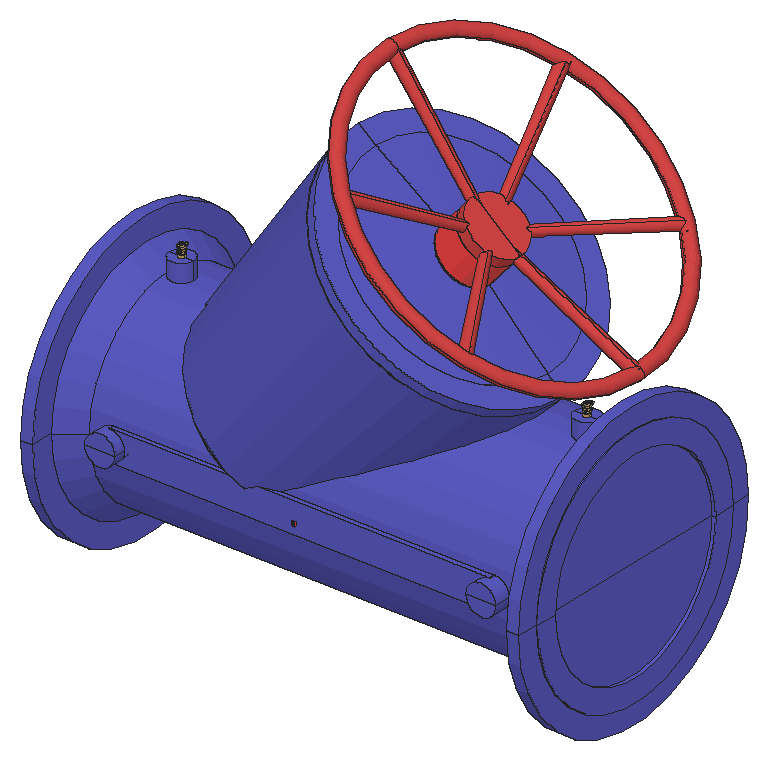
Revit family "Strangregulierventil für Differenzdruckmessung, Schrägsitzform 4218 GF PN16", category Rohrzubehör, Revit 2018
Family settings
  Bemaßung runder Anschluss = Durchmesser verwenden
  Teiletyp = Unterbricht
  OmniClass-Nummer = 23.65.55.14
  OmniClass-Titel = Valves for Liquid Services
  Arbeitsebenenbasiert = Nein
  Immer vertikal = Ja
  Beim Laden mit Abzugskörper schneiden = Nein
  Gemeinsam genutzt = Nein
Parameters
  kvs-Wert [instance] = if(Nennweite = 350.00 mm, 2917.6, if(Nennweite = 400.00 mm, 3854.8, if(Nennweite = 500.00 mm, 5250.6, 0)))  # 5250.6
  Zählvorrichtung = "Kunststoffmaterial"  # constant formula
  W02 = 60.00°  # constant formula
  W01 = 50.00°  # constant formula
  Ventilkegel = "Sphäroguss EN-GJS-400-15 gem. EN 1561/EPDM beschichtet"  # constant formula
  S01 [instance] = Nennweite + 10.00 mm  # 510.00 mm
  Regulierspindel = "Edelstahl"  # constant formula
  Oberteil = "Sphäroguss EN-GJS-400-15"  # constant formula
  O-Ringe = "EPDM"  # constant formula
  L04 [instance] = size_lookup("4218_GF_16_", "L4", 1.00 mm, Nennweite)  # 255.00 mm
  H11 = 85.00 mm  # constant formula
  H10 [instance] = H07 + H03  # 720.30 mm
  H08 = 47.00 mm  # constant formula
  H07 = 50.00 mm  # constant formula
  H06 = 27.00 mm  # constant formula
  H05 [instance] = H04 + 25.00 mm  # 605.00 mm
  H04 [instance] = size_lookup("4218_GF_16_", "H4", 1.00 mm, Nennweite)  # 580.00 mm
  H03 [instance] = size_lookup("4218_GF_16_", "H3", 1.00 mm, Nennweite)  # 670.30 mm
  Gewicht [instance] = if(Nennweite = 350.00 mm, "536.0 kg", if(Nennweite = 400.00 mm, "547.0 kg", if(Nennweite = 500.00 mm, "968.0 kg", "0")))  # "968.0 kg"
  Gehäuse = "Sphäroguss EN-GJS-400-15"  # constant formula
  URL = "www.herz-armaturen.at"
  SCRNSEQ = "ARM;ARM_TYP=\"STRV\";2"
  SCRNCODE = "05;07;02"  # constant formula
  R02 [instance] = size_lookup("4218_GF_16_", "R2", 1.00 mm, Nennweite)  # 30.00 mm
  R01 [instance] = size_lookup("4218_GF_16_", "R1", 1.00 mm, Nennweite)  # 37.50 mm
  Spindel = "Edelstahl"  # constant formula
  Nennweite [instance] = 500.00 mm
  Medium = "Heizwasserqualität entsprechend ÖNORM H 5195 bzw. VDI Richtlinie 2035.\r\nEthylen und Propylenglykol können in einem Verhältnis von 25-50 vol. [%] gemischt werden."
  Max. Betriebstemperatur = 110 °C  # constant formula
  Min. Betriebstemperatur = -10 °C  # constant formula
  Max. Betriebsdruck = 1600000.0 Pa  # constant formula
  L03 [instance] = size_lookup("4218_GF_16_", "L3", 1.00 mm, Nennweite)  # 505.00 mm
  L02 [instance] = size_lookup("4218_GF_16_", "L2", 1.00 mm, Nennweite)  # 475.00 mm
  L01 [instance] = size_lookup("4218_GF_16_", "L1", 1.00 mm, Nennweite)  # 533.50 mm
  L00 [instance] = size_lookup("4218_GF_16_", "L", 1.00 mm, Nennweite)  # 1250.00 mm
  Hersteller = "HERZ Armaturen Ges.m.b.H."  # constant formula
  H09 [instance] = H03  # 670.30 mm
  H02 [instance] = size_lookup("4218_GF_16_", "H2", 1.00 mm, Nennweite)  # 295.00 mm
  H01 [instance] = size_lookup("4218_GF_16_", "H1", 1.00 mm, Nennweite)  # 292.00 mm
  GT = 10.00 mm  # constant formula
  FLL02 [instance] = size_lookup("4218_GF_16_", "FLL2", 1.00 mm, Nennweite)  # 30.00 mm
  FLL01 [instance] = size_lookup("4218_GF_16_", "FLL1", 1.00 mm, Nennweite)  # 4.00 mm
  FLD03 [instance] = size_lookup("4218_GF_16_", "FLD3", 1.00 mm, Nennweite)  # 254.00 mm
  FLD02 [instance] = size_lookup("4218_GF_16_", "FLD2", 1.00 mm, Nennweite)  # 300.00 mm
  FLD01 [instance] = size_lookup("4218_GF_16_", "FLD1", 1.00 mm, Nennweite)  # 305.00 mm
  FLD00 [instance] = size_lookup("4218_GF_16_", "FLD", 1.00 mm, Nennweite)  # 357.50 mm
  Differenzdruckmessung = "Das STRÖMAX GF Strangregulierventil ist mit zwei Messventilen ausgestattet:\r\nSo ist es möglich, den Differenzdruck mit geeigneten Messgeräten zu messen und die Durchflussmenge entsprechend zu bestimmen."
  DN500 [instance] = Nennweite = 500.00 mm  # yes
  DN400 [instance] = Nennweite = 400.00 mm  # no
  DN350 [instance] = Nennweite = 350.00 mm  # no
  D05 = 75.00 mm  # constant formula
  D04 [instance] = size_lookup("4218_GF_16_", "D4", 1.00 mm, Nennweite)  # 54.00 mm
  D03 [instance] = size_lookup("4218_GF_16_", "D3", 1.00 mm, Nennweite)  # 275.00 mm
  D02 [instance] = D03 - 20.00 mm  # 255.00 mm
  D01 [instance] = size_lookup("4218_GF_16_", "D1", 1.00 mm, Nennweite)  # 334.00 mm
  D00 [instance] = size_lookup("4218_GF_16_", "D", 1.00 mm, Nennweite)  # 278.00 mm
  Bestellnummer [instance] = size_lookup("4218_GF_16_", "Artnr", 0, Nennweite)  # 1421892
  BH02 [instance] = -BH01  # -37.50 mm
  BH01 [instance] = size_lookup("4218_GF_16_", "BH1", 1.00 mm, Nennweite)  # 37.50 mm
  Ausführung = "STRÖMAX-GF-Strangregulierventil mit Messventilen, DN 350-500, Gehäuse Sphäroguss GJS 400-15 gem EN 1561, Flansch gem. EN 1092, PN 16, blaue Emaillierung.\r\nVentiloberteil Sphäroguss GJS 400-15, mit nicht steigen\u0002der Spindel, Spindelabdichtung mittels Dreifach-O-Ring.\r\nVoreinstellschritte werden digital angezeigt."
  Anwendungen = "Zum hydraulischen Abgleich in Heiz- oder Kühlsystemen zum Trennen von Sammelleitungen, Steigleitungen, Wärmetauschern, Heiz- und Kühlregistern."
  Anschluss [instance] = Nennweite / 2  # 250.00 mm
Reference planes
  plane 1 "Mitte (Vorne/hinten)": y = 0
  plane 2: z = 0
  plane 3 "Mitte (Links/rechts)": x = 0
Forms (mm)
  Revolve 1, solid, material "Herz-Marineblau", detail levels fine
    sketch origin (1058.943, 0, 0) x (1, 0, 0) y (0, 1, 0)
      loop
        line (-1679.943, 357.5) -> (-1679.943, 305) -> (-1683.943, 305) -> (-1683.943, 250) -> (-1673.943, 250) -> (-1673.943, 0) -> (-443.943, 0) -> (-443.943, 250) -> (-433.943, 250) -> (-433.943, 305) -> (-437.943, 305) -> (-437.943, 357.5) -> (-467.943, 357.5) -> (-467.943, 300) -> (-525.443, 254)
        arc (-525.443, 254) -> (-1058.943, 278) -> (-1592.443, 254) r 5941.63
        line (-1592.443, 254) -> (-1649.943, 300) -> (-1649.943, 357.5) -> (-1679.943, 357.5)
      axis (-1683.943, 0) -> (-433.943, 0)
    angle from 0 to 360
  Revolve 2, solid, material "Herz-Marineblau", detail levels fine
    sketch origin (0, 0, 0) x (1, 0, 0) y (0, 1, 0)
      loop
        line (-475, 292) -> (-512.5, 292) -> (-512.5, -292) -> (-475, -292) -> (-475, 292)
      axis (-475, 292) -> (-475, -292)
    angle from 0 to 360
  Revolve 3, solid, material "Herz-Marineblau", detail levels fine
    sketch origin (0, 0, 0) x (-1, 0, 0) y (0, 1, 0)
      loop
        line (-475, 292) -> (-512.5, 292) -> (-512.5, -292) -> (-475, -292) -> (-475, 292)
      axis (-475, 292) -> (-475, -292)
    angle from 0 to 360
  Revolve 4, solid, material "Herz-Marineblau", detail levels fine
    sketch origin (0, 0, 0) x (1, 0, 0) y (0, 0, 1)
      loop
        line (-505, 0) -> (-505, 295) -> (-535, 295) -> (-535, 0) -> (-505, 0)
      axis (-505, 295) -> (-505, 0)
    angle from 0 to 360
  Revolve 5, solid, material "Herz-Marineblau", detail levels fine
    sketch origin (0, 0, 0) x (-1, 0, 0) y (0, 0, 1)
      loop
        line (-505, 0) -> (-505, 295) -> (-535, 295) -> (-535, 0) -> (-505, 0)
      axis (-505, 295) -> (-505, 0)
    angle from 0 to 360
  Extrusion 6, solid, material "Herz-Marineblau", visible <- "DN500", detail levels fine
    sketch origin (0, 0, 0) x (1, 0, 0) y (0, 1, 0)
      loop
        arc (-475, -263.998) -> (0, -282.994) -> (475, -263.998) r 5948.094
        line (475, -263.998) -> (475, 263.998)
        arc (475, 263.998) -> (0, 282.994) -> (-475, 263.998) r 5948.094
        line (-475, 263.998) -> (-475, -263.998)
    from -37.5 <- "BH02" to 37.5 <- "BH01"
  Extrusion 7, solid, material "Herz-Marineblau", visible <- "DN400", detail levels fine
    sketch origin (0, 0, 0) x (1, 0, 0) y (0, 1, 0)
      loop
        arc (-410, -209.712) -> (0, -223.005) -> (410, -209.712) r 6329.849
        line (410, -209.712) -> (410, 209.712)
        arc (410, 209.712) -> (0, 223.005) -> (-410, 209.712) r 6329.849
        line (-410, 209.712) -> (-410, -209.712)
    from -37.5 <- "BH02" to 37.5 <- "BH01"
  Extrusion 8, solid, material "Herz-Marineblau", visible <- "DN350", detail levels fine
    sketch origin (0, 0, 0) x (1, 0, 0) y (0, 1, 0)
      loop
        arc (-390, -185.916) -> (0, -255.071) -> (390, -185.916) r 1134.286
        line (390, -185.916) -> (390, 185.916)
        arc (390, 185.916) -> (0, 255.071) -> (-390, 185.916) r 1134.286
        line (-390, 185.916) -> (-390, -185.916)
    from -37.5 <- "BH02" to 37.5 <- "BH01"
  Revolve 9, solid, material "Herz-Marineblau", detail levels fine
    sketch origin (0, 0, 0) x (1, 0, 0) y (0, 0, 1)
      loop
        line (-255, 0) -> (175.861, 513.48) -> (-79.998, 728.171) -> (-407.619, 245.94) -> (-408.367, 213.934) -> (-255, 0)
      axis (-255, 0) -> (175.861, 513.48)
    angle from 0 to 360
  Revolve 10, solid, material "Herz-Marineblau", detail levels fine
    sketch origin (0, 0, 0) x (1, 0, 0) y (0, 0, 1)
      loop
        line (175.861, 513.48) -> (208, 551.782) -> (150.547, 599.991) -> (148.618, 597.693)
        arc (148.618, 597.693) -> (66.389, 659.883) -> (-21.277, 714.143) r 1105.603
        line (-21.277, 714.143) -> (-62.643, 748.854) -> (-79.998, 728.171) -> (175.861, 513.48)
      axis (208, 551.782) -> (175.861, 513.48)
    angle from 0 to 360
  Revolve 11, solid, material "Kunsstoff rot", detail levels fine
    sketch origin (0, 0, 0) x (1, 0, 0) y (0, 0, 1)
      loop
        line (208, 551.782) -> (262.637, 616.896) -> (205.184, 665.105) -> (150.547, 599.991) -> (208, 551.782)
      axis (262.637, 616.896) -> (208, 551.782)
    angle from 0 to 360
Lines and regions (mm)
  model lines, detail levels coarse+medium
    curve 1: line (-625, 0, 357.5) -> (-625, 0, -357.5)
    curve 2: line (-625, 0, -357.5) -> (625, 0, 357.5)
    curve 3: line (625, 0, 357.5) -> (625, 0, -357.5)
    curve 4: line (625, 0, -357.5) -> (-625, 0, 357.5)
    curve 5: line (0, 0, 0) -> (386.998, 0, 670.3)
    curve 6: line (166.161, 0, 797.8) -> (607.834, 0, 542.8)
    curve 7: line (-625, 357.5, 0) -> (-625, -357.5, 0)
    curve 8: line (-625, -357.5, 0) -> (625, 357.5, 0)
    curve 9: line (625, 357.5, 0) -> (625, -357.5, 0)
    curve 10: line (625, -357.5, 0) -> (-625, 357.5, 0)
    curve 11: line (0, 0, 0) -> (386.998, 670.3, 0)
    curve 12: line (166.161, 797.8, 0) -> (607.834, 542.8, 0)
Dimensions and locks
  "FLD00": plane 1 "Mitte (Vorne/hinten)" to Revolve 1 sketch curve
  "FLD01": plane 1 "Mitte (Vorne/hinten)" to Revolve 1 sketch curve
  "FLD02": plane 1 "Mitte (Vorne/hinten)" to Revolve 1 sketch curve  (x2)
  "FLD03": plane 1 "Mitte (Vorne/hinten)" to Revolve 1 sketch curve  (x2)
  "GT": Revolve 1 sketch curve to Revolve 1 sketch curve  (x2)
  "FLL01": Revolve 1 sketch curve to Revolve 1 sketch curve  (x2)
  "FLL02": Revolve 1 sketch curve to Revolve 1 sketch curve  (x2)
  equal spacing: Revolve 1 sketch curve, plane 3 "Mitte (Links/rechts)", Revolve 1 sketch curve
  "Anschluss": Revolve 1 sketch curve to plane 1 "Mitte (Vorne/hinten)"
  "Anschluss": plane 1 "Mitte (Vorne/hinten)" to Revolve 1 sketch curve
  "FLD01": Revolve 1 sketch curve to plane 1 "Mitte (Vorne/hinten)"
  "FLD00": Revolve 1 sketch curve to plane 1 "Mitte (Vorne/hinten)"
  "L00": Revolve 1 sketch curve to Revolve 1 sketch curve
  "D00": plane 1 "Mitte (Vorne/hinten)" to Revolve 1 sketch curve
  "L01": Revolve 1 sketch curve to plane 3 "Mitte (Links/rechts)" to Revolve 1 sketch curve
  "L02": Revolve 2 sketch curve to plane 3 "Mitte (Links/rechts)"
  "R01": Revolve 2 sketch curve to Revolve 2 sketch curve
  "H01": Revolve 2 sketch curve to plane 1 "Mitte (Vorne/hinten)" to Revolve 2 sketch curve
  "L02": plane 3 "Mitte (Links/rechts)" to Revolve 3 sketch curve
  "R01": Revolve 3 sketch curve to Revolve 3 sketch curve
  "H01": Revolve 3 sketch curve to plane 1 "Mitte (Vorne/hinten)" to Revolve 3 sketch curve
  "L03": plane 3 "Mitte (Links/rechts)" to Revolve 4 sketch curve
  "R02": Revolve 4 sketch curve to Revolve 4 sketch curve
  "H02": Revolve 4 sketch curve to plane 2
  "R02": Revolve 5 sketch curve to Revolve 5 sketch curve
  "L03": Revolve 5 sketch curve to plane 3 "Mitte (Links/rechts)"
  "H02": Revolve 5 sketch curve to plane 2
  "L03": plane 3 "Mitte (Links/rechts)" to nested 1
  "L03": nested 2 to plane 3 "Mitte (Links/rechts)"
  "H02": nested 1 to plane 2
  "H02": nested 2 to plane 2
  "FLD00": curve 4 to plane 2 to curve 2
  "FLD00": curve 3 to plane 2 to curve 4
  equal spacing: curve 1, plane 3 "Mitte (Links/rechts)", curve 3
  "L00": curve 1 to curve 3
  "H09": curve 5 to plane 2
  equal spacing: curve 1, curve 5, curve 3
  equal spacing: curve 6, curve 5, curve 6
  "S01": curve 6 to curve 6
  "FLD00": curve 8 to plane 1 "Mitte (Vorne/hinten)" to curve 10
  "FLD00": curve 10 to plane 1 "Mitte (Vorne/hinten)" to curve 9
  equal spacing: curve 7, plane 3 "Mitte (Links/rechts)", curve 9
  "L00": curve 7 to curve 9
  equal spacing: curve 7, curve 11, curve 9
  "H09": plane 1 "Mitte (Vorne/hinten)" to curve 11
  equal spacing: curve 12, curve 11, curve 12
  "S01": curve 12 to curve 12
  "L04": plane 3 "Mitte (Links/rechts)" to Revolve 9 sketch curve  (x2)
  "H03": Revolve 9 sketch curve to Revolve 9 sketch curve
  "D02": Revolve 9 sketch curve to Revolve 9 sketch curve
  "H05": Revolve 9 sketch curve to Revolve 9 sketch curve
  "H04": Revolve 9 sketch curve to Revolve 9 sketch curve
  "D03": Revolve 9 sketch curve to Revolve 9 sketch curve
  "H03": Revolve 10 sketch curve to Revolve 10 sketch curve
  "D01": Revolve 10 sketch curve to Revolve 10 sketch curve  (x2)
  "D04": Revolve 10 sketch curve to Revolve 10 sketch curve
  "D05": Revolve 10 sketch curve to Revolve 10 sketch curve
  "H06": Revolve 9 to Revolve 10 sketch curve
  "H07": Revolve 9 to Revolve 10 sketch curve
  "H08": Revolve 9 to Revolve 10 sketch curve
  "L04": plane 3 "Mitte (Links/rechts)" to Revolve 10 sketch curve
  "D01": Revolve 9 sketch curve to Revolve 9 sketch curve
  "L04": plane 3 "Mitte (Links/rechts)" to Revolve 11 sketch curve
  "H11": Revolve 10 to Revolve 11 sketch curve
  "D05": Revolve 11 sketch curve to Revolve 11 sketch curve  (x2)
  "H10": Revolve 11 sketch curve to Revolve 11 sketch curve
  "W02": angle plane 2 to curve 5
  "W02": angle plane 1 "Mitte (Vorne/hinten)" to curve 11
  "W01": angle plane 2 to Revolve 9 sketch curve  (x2)
  "W01": angle plane 2 to Revolve 10 sketch curve  (x2)
  "W01": angle plane 2 to Revolve 11 sketch curve  (x2)
  aligned and locked: level to plane 2
Automatic sketch dimensions
  Extrusion 6 sketch curve to plane 3 "Mitte (Links/rechts)" = 0.00 mm  (x2)
  plane 1 "Mitte (Vorne/hinten)" to Extrusion 6 sketch curve = 263.998 mm
  Extrusion 6 sketch curve to plane 3 "Mitte (Links/rechts)" = 475.00 mm
  Extrusion 6 sketch curve to Extrusion 6 sketch curve = 5401.102 mm
  Extrusion 6 sketch curve to plane 1 "Mitte (Vorne/hinten)" = 5665.10 mm
  Extrusion 6 sketch curve to plane 1 "Mitte (Vorne/hinten)" = 263.998 mm  (x2)
  Extrusion 7 sketch curve to plane 3 "Mitte (Links/rechts)" = 0.00 mm  (x2)
  plane 1 "Mitte (Vorne/hinten)" to Extrusion 7 sketch curve = 209.712 mm  (x2)
  Extrusion 7 sketch curve to plane 3 "Mitte (Links/rechts)" = 410.00 mm
  Extrusion 7 sketch curve to Extrusion 7 sketch curve = 5897.131 mm
  Extrusion 7 sketch curve to plane 1 "Mitte (Vorne/hinten)" = 6106.844 mm
  Extrusion 7 sketch curve to plane 1 "Mitte (Vorne/hinten)" = 209.712 mm
  Extrusion 8 sketch curve to plane 3 "Mitte (Links/rechts)" = 0.00 mm  (x2)
  plane 1 "Mitte (Vorne/hinten)" to Extrusion 8 sketch curve = 185.916 mm
  Extrusion 8 sketch curve to plane 3 "Mitte (Links/rechts)" = 390.00 mm
  Extrusion 8 sketch curve to Extrusion 8 sketch curve = 693.298 mm
  Extrusion 8 sketch curve to plane 1 "Mitte (Vorne/hinten)" = 879.214 mm
  Extrusion 8 sketch curve to plane 1 "Mitte (Vorne/hinten)" = 185.916 mm  (x2)
  plane 1 "Mitte (Vorne/hinten)" to Revolve 1 sketch curve = 0.00 mm  (x2)
  Revolve 1 sketch curve to Revolve 1 sketch curve = 35.00 mm
  Revolve 1 sketch curve to Revolve 1 sketch curve = 40.00 mm
  Revolve 2 sketch curve to Revolve 2 sketch curve = 0.00 mm  (x3)
  Revolve 3 sketch curve to Revolve 3 sketch curve = 0.00 mm  (x3)
  Revolve 4 sketch curve to level = 0.00 mm  (x2)
  Revolve 4 sketch curve to Revolve 4 sketch curve = 0.00 mm  (x2)
  Revolve 5 sketch curve to level = 0.00 mm  (x2)
  Revolve 5 sketch curve to Revolve 5 sketch curve = 0.00 mm  (x2)
  Revolve 9 sketch curve to level = 0.00 mm  (x2)
  Revolve 10 sketch curve to level = 0.00 mm
  Revolve 10 sketch curve to level = 252.062 mm
  Revolve 11 sketch curve to level = 0.00 mm
Nested families
  nested 1: "Messstutzen_Band_Eintritt_senkrecht_(oben)" at (-505, 0, 286), type "Messstutzen_Band_Eintritt_senkrecht_(oben)", detail levels fine
    with Schutzkappe yes, Nennweite 0.00 mm, Gewicht 0.00 kg, Bestellnummer 0
  nested 2: "Messstutzen_Band_Austritt_senkrecht_(oben)" at (505, 0, 286), type "Messstutzen_Band_Austritt_senkrecht_(oben)", detail levels fine
    with Schutzkappe yes, Nennweite 0.00 mm, Gewicht 0.00 kg, Bestellnummer 0
  nested 3: "Herz-Logo-vorne" at (0, -282.994, 0) x (0, 1, 0) z (0, 0, 1), visible <- "DN500", type "Herz-Logo-vorne", detail levels fine
  nested 4: "Herz-Logo-vorne" at (0, -221.503, 0) x (0, 1, 0) z (0, 0, 1), visible <- "DN400", type "Herz-Logo-vorne", detail levels fine
  nested 5: "Herz-Logo-vorne" at (0, -255.053, 0) x (0, 1, 0) z (0, 0, 1), visible <- "DN350", type "Herz-Logo-vorne", detail levels fine
  nested 6: "Strangregulierventil-Handrad_VOLL-Schräg (Rot) DN350-DN400" at (211.704, 0, 501.376), visible <- "DN350", type "Strangregulierventil-Handrad_VOLL-Schräg (Rot) DN350-DN400"
    with DN300 yes
  nested 7: "Strangregulierventil-Handrad_VOLL-Schräg (Rot) DN350-DN400" at (230.272, 0, 547.339), visible <- "DN400", type "Strangregulierventil-Handrad_VOLL-Schräg (Rot) DN350-DN400"
    with DN300 yes
  nested 8: "Strangregulierventil-Handrad_VOLL-Schräg (Rot) DN500" at (262.637, 0, 616.896), visible <- "DN500", type "Strangregulierventil-Handrad_VOLL-Schräg (Rot) DN500", detail levels fine
    with DN300 yes
Connectors
  piping at (-625, 0, 0), diameter 500, driven by "Nennweite"
    settings: on Revolve 1, index 1, connector inside diameter 609.6 mm, connector length 0.00 mm, flow factor 0, pipe flow 0.0 L/s, pressure drop 0.0 Pa, fitting loss kfactor 0, connector angle 0.00°, fixture units 0, engagement length 0.00 mm, angle of deflection 0.00°, flow configuration 0, flow direction 1, fitting loss method 0, system type 29, joint type 0, gender type 0, connector reference index -1, connector utility 0, adjustable connector no, is connector primary yes, connector description ""
  piping at (625, 0, 0), diameter 500, driven by "Nennweite"
    settings: on Revolve 1, index 2, connector inside diameter 609.6 mm, connector length 0.00 mm, flow factor 0, pipe flow 0.0 L/s, pressure drop 0.0 Pa, fitting loss kfactor 0, connector angle 0.00°, fixture units 0, engagement length 0.00 mm, angle of deflection 0.00°, flow configuration 0, flow direction 2, fitting loss method 0, system type 29, joint type 0, gender type 0, connector reference index -1, connector utility 0, adjustable connector no, is connector primary no, connector description ""
Definition of nested family "Messstutzen_Band_Eintritt_senkrecht_(oben)"
  Parameters (values of type "Messstutzen_Band_Eintritt_senkrecht_(oben)")
    URL = "www.herz-armaturen.at"
    Schutzkappe [instance] = yes
    Nennweite [instance] = 0.00 mm
    Manufacturer = "Herz Armaturen GmbH"  # constant formula
    Gewicht [instance] = 0.00 kg
    Bestellnummer [instance] = 0
  Reference planes
    plane 1 "Mitte (Vorne/hinten)": y = 0
    plane 2: z = 0
    plane 3 "Mitte (Links/rechts)": x = 0
    plane 4 "Schlaufe 1": z = -27
    plane 5 "Schlaufe 2": z = -31.678
  Forms (mm)
    Revolve 1, solid, detail levels fine
      sketch origin (0, 0, 0) x (1, 0, 0) y (0, 0, 1)
        loop
          line (-7.4, 9) -> (-5.55, 9) -> (-5.55, 6)
          arc (-5.55, 6) -> (-5.626, 5.617) -> (-5.843, 5.293) r 1
          line (-5.843, 5.293) -> (-6.455, 4.681) -> (-6.455, 0.9) -> (-5.555, 0) -> (-2, 0) -> (-2, 17.5) -> (-8.4, 17.5)
          arc (-8.4, 17.5) -> (-7.693, 17.207) -> (-7.4, 16.5) r 1
          line (-7.4, 16.5) -> (-7.4, 9)
        loop
          line (-3.7, 27) -> (-7.3, 27) -> (-7.9, 26.4) -> (-7.9, 23) -> (-2, 23) -> (-2, 35.8) -> (-3.805, 35.8) -> (-4.415, 35.19) -> (-4.415, 30.863) -> (-3.7, 30.45) -> (-3.7, 27)
        axis (0, 0) -> (0, 35.8)
      angle from 0 to 360
    Extrusion 2, solid, detail levels fine
      sketch origin (0, 0, 17.5) x (0, 1, 0) y (-1, 0, 0)
        loop
          arc (-7.07, 5.156) -> (-7.578, 4.375) -> (-8, 3.544) r 8.75
          line (-8, 3.544) -> (-8, -3.544)
          arc (-8, -3.544) -> (-7.578, -4.375) -> (-7.07, -5.156) r 8.75
          line (-7.07, -5.156) -> (-0.93, -8.7)
          arc (-0.93, -8.7) -> (0, -8.75) -> (0.93, -8.7) r 8.75
          line (0.93, -8.7) -> (7.07, -5.156)
          arc (7.07, -5.156) -> (7.578, -4.375) -> (8, -3.544) r 8.75
          line (8, -3.544) -> (8, 3.544)
          arc (8, 3.544) -> (7.578, 4.375) -> (7.07, 5.156) r 8.75
          line (7.07, 5.156) -> (0.93, 8.7)
          arc (0.93, 8.7) -> (0, 8.75) -> (-0.93, 8.7) r 8.75
          line (-0.93, 8.7) -> (-7.07, 5.156)
      from 0 to 5.5
    Revolve 3, solid, visible <- "Schutzkappe", detail levels fine
      sketch origin (0, 0, 0) x (1, 0, 0) y (0, 0, 1)
        loop
          line (0, 35.878) -> (0, 36.678) -> (-7, 36.678) -> (-7, 33.378) -> (-6.1, 33.378) -> (-6.1, 31.678) -> (-6.9, 31.678) -> (-6.9, 30.178) -> (-4.415, 30.178) -> (-4.415, 35.268) -> (-3.805, 35.878) -> (0, 35.878)
        axis (0, 30.178) -> (0, 36.678)
      angle from 0 to 360
    Extrusion 4, solid, detail levels fine
      sketch origin (0, 0, 28.5) x (1, 0, 0) y (0, 1, 0)
        loop
          circle (0, 0) r 3.7
        loop
          arc (-3.906, 5.505) -> (0, -6.75) -> (3.906, 5.505) r 6.75
          arc (3.906, 5.505) -> (2.358, 7.288) -> (1.8, 9.582) r 5
          line (1.8, 9.582) -> (-1.8, 9.582)
          arc (-1.8, 9.582) -> (-2.358, 7.288) -> (-3.906, 5.505) r 5
      from 0 to -1.5
    Extrusion 5, solid, detail levels fine
      sketch origin (0, 0, 33.178) x (1, 0, 0) y (0, 1, 0)
        loop
          circle (0, 0) r 6.1
        loop
          arc (-4.495, 8.652) -> (0, -9.75) -> (4.495, 8.652) r 9.75
          arc (4.495, 8.652) -> (2.527, 10.493) -> (1.8, 13.089) r 5
          line (1.8, 13.089) -> (-1.8, 13.089)
          arc (-1.8, 13.089) -> (-2.527, 10.493) -> (-4.495, 8.652) r 5
      from 0 to -1.5
    Sweep 6, solid, detail levels fine
      path origin (0, 0, 0) x (0, 0, -1) y (0, -1, 0)
        loop
          line (-27.75, -9.582) -> (-27.75, -14.522)
          arc (-27.75, -14.522) -> (-30.089, -16.862) -> (-32.428, -14.522) r 2.339
          line (-32.428, -14.522) -> (-32.428, -13.089)
      profile origin (0, 12.052, 27.75) x (0, 0, 1) y (1, 0, 0)
        loop
          line (-0.75, -1.8) -> (0.75, -1.8) -> (0.75, 1.8) -> (-0.75, 1.8) -> (-0.75, -1.8)
  Dimensions and locks
    aligned and locked: level to plane 2
Definition of nested family "Messstutzen_Band_Austritt_senkrecht_(oben)"
  Parameters (values of type "Messstutzen_Band_Austritt_senkrecht_(oben)")
    URL = "www.herz-armaturen.at"
    Schutzkappe [instance] = yes
    Nennweite [instance] = 0.00 mm
    Manufacturer = "Herz Armaturen GmbH"  # constant formula
    Gewicht [instance] = 0.00 kg
    Bestellnummer [instance] = 0
  Reference planes
    plane 1 "Mitte (Vorne/hinten)": y = 0
    plane 2: z = 0
    plane 3 "Mitte (Links/rechts)": x = 0
    plane 4 "Schlaufe 1": z = -27
    plane 5 "Schlaufe 2": z = -31.678
  Forms (mm)
    Revolve 1, solid, detail levels fine
      sketch origin (0, 0, 0) x (1, 0, 0) y (0, 0, 1)
        loop
          line (-7.4, 9) -> (-5.55, 9) -> (-5.55, 6)
          arc (-5.55, 6) -> (-5.626, 5.617) -> (-5.843, 5.293) r 1
          line (-5.843, 5.293) -> (-6.455, 4.681) -> (-6.455, 0.9) -> (-5.555, 0) -> (-2, 0) -> (-2, 17.5) -> (-8.4, 17.5)
          arc (-8.4, 17.5) -> (-7.693, 17.207) -> (-7.4, 16.5) r 1
          line (-7.4, 16.5) -> (-7.4, 9)
        loop
          line (-3.7, 27) -> (-7.3, 27) -> (-7.9, 26.4) -> (-7.9, 23) -> (-2, 23) -> (-2, 35.8) -> (-3.805, 35.8) -> (-4.415, 35.19) -> (-4.415, 30.863) -> (-3.7, 30.45) -> (-3.7, 27)
        axis (0, 0) -> (0, 35.8)
      angle from 0 to 360
    Extrusion 2, solid, detail levels fine
      sketch origin (0, 0, 17.5) x (0, 1, 0) y (-1, 0, 0)
        loop
          arc (-7.07, 5.156) -> (-7.578, 4.375) -> (-8, 3.544) r 8.75
          line (-8, 3.544) -> (-8, -3.544)
          arc (-8, -3.544) -> (-7.578, -4.375) -> (-7.07, -5.156) r 8.75
          line (-7.07, -5.156) -> (-0.93, -8.7)
          arc (-0.93, -8.7) -> (0, -8.75) -> (0.93, -8.7) r 8.75
          line (0.93, -8.7) -> (7.07, -5.156)
          arc (7.07, -5.156) -> (7.578, -4.375) -> (8, -3.544) r 8.75
          line (8, -3.544) -> (8, 3.544)
          arc (8, 3.544) -> (7.578, 4.375) -> (7.07, 5.156) r 8.75
          line (7.07, 5.156) -> (0.93, 8.7)
          arc (0.93, 8.7) -> (0, 8.75) -> (-0.93, 8.7) r 8.75
          line (-0.93, 8.7) -> (-7.07, 5.156)
      from 0 to 5.5
    Revolve 3, solid, visible <- "Schutzkappe", detail levels fine
      sketch origin (0, 0, 0) x (1, 0, 0) y (0, 0, 1)
        loop
          line (0, 35.878) -> (0, 36.678) -> (-7, 36.678) -> (-7, 33.378) -> (-6.1, 33.378) -> (-6.1, 31.678) -> (-6.9, 31.678) -> (-6.9, 30.178) -> (-4.415, 30.178) -> (-4.415, 35.268) -> (-3.805, 35.878) -> (0, 35.878)
        axis (0, 30.178) -> (0, 36.678)
      angle from 0 to 360
    Extrusion 4, solid, detail levels fine
      sketch origin (0, 0, 28.5) x (1, 0, 0) y (0, 1, 0)
        loop
          circle (0, 0) r 3.7
        loop
          arc (-3.906, 5.505) -> (0, -6.75) -> (3.906, 5.505) r 6.75
          arc (3.906, 5.505) -> (2.358, 7.288) -> (1.8, 9.582) r 5
          line (1.8, 9.582) -> (-1.8, 9.582)
          arc (-1.8, 9.582) -> (-2.358, 7.288) -> (-3.906, 5.505) r 5
      from 0 to -1.5
    Extrusion 5, solid, detail levels fine
      sketch origin (0, 0, 33.178) x (1, 0, 0) y (0, 1, 0)
        loop
          circle (0, 0) r 6.1
        loop
          arc (-4.495, 8.652) -> (0, -9.75) -> (4.495, 8.652) r 9.75
          arc (4.495, 8.652) -> (2.527, 10.493) -> (1.8, 13.089) r 5
          line (1.8, 13.089) -> (-1.8, 13.089)
          arc (-1.8, 13.089) -> (-2.527, 10.493) -> (-4.495, 8.652) r 5
      from 0 to -1.5
    Sweep 6, solid, detail levels fine
      path origin (0, 0, 0) x (0, 0, -1) y (0, -1, 0)
        loop
          line (-27.75, -9.582) -> (-27.75, -14.522)
          arc (-27.75, -14.522) -> (-30.089, -16.862) -> (-32.428, -14.522) r 2.339
          line (-32.428, -14.522) -> (-32.428, -13.089)
      profile origin (0, 12.052, 27.75) x (0, 0, 1) y (1, 0, 0)
        loop
          line (-0.75, -1.8) -> (0.75, -1.8) -> (0.75, 1.8) -> (-0.75, 1.8) -> (-0.75, -1.8)
  Dimensions and locks
    aligned and locked: level to plane 2
Definition of nested family "Herz-Logo-vorne"
  Reference planes
    plane 1 "Mitte (Vorne/hinten)": y = 0
    plane 2: z = 0
    plane 3 "Mitte (Links/rechts)": x = 0
  Forms (mm)
    Extrusion 1, solid
      sketch origin (0.732, -0.018, 0.017) x (0, -1, 0) y (0, 0, 1)
        loop
          line (-0.018, -4.517) -> (4.482, -4.517) -> (4.482, 4.483) -> (-4.518, 4.483) -> (-4.518, -4.517) -> (-0.018, -4.517)
        loop
          line (-0.05, -3.48) -> (3.482, -3.48) -> (3.482, 3.483) -> (-3.518, 3.483) -> (-3.518, -3.48) -> (-0.05, -3.48)
        loop
          arc (-0.018, 2.383) -> (-1.543, 3.287) -> (-3.067, 2.383) r 1.738
          arc (-3.067, 2.383) -> (-3.191, 1.899) -> (-3.067, 1.415) r 1.009
          line (-3.067, 1.415) -> (-0.018, -3.281) -> (3.032, 1.415)
          arc (3.032, 1.415) -> (3.156, 1.899) -> (3.032, 2.383) r 1.009
          arc (3.032, 2.383) -> (1.507, 3.287) -> (-0.018, 2.383) r 1.738
        loop
          arc (1.885, 1.272) -> (2.005, 1.675) -> (1.885, 2.079) r 0.74
          arc (1.885, 2.079) -> (1.265, 2.416) -> (0.644, 2.079) r 0.74
          line (0.644, 2.079) -> (-0.018, 0.97) -> (-0.679, 2.079)
          arc (-0.679, 2.079) -> (-1.3, 2.416) -> (-1.921, 2.079) r 0.74
          arc (-1.921, 2.079) -> (-2.04, 1.675) -> (-1.921, 1.272) r 0.74
          line (-1.921, 1.272) -> (-0.018, -1.658) -> (1.885, 1.272)
      from 0 to 1.5
  Dimensions and locks
    aligned and locked: level to plane 2
Definition of nested family "Strangregulierventil-Handrad_VOLL-Schräg (Rot) DN350-DN400"
  Parameters (values of type "Strangregulierventil-Handrad_VOLL-Schräg (Rot) DN350-DN400")
    DN300 [instance] = yes
  Reference planes
    plane 1 "Mitte (Vorne/hinten)": y = 0
    plane 2: z = 0
    plane 3 "Mitte (Links/rechts)": x = 0
  Forms (mm)
    Revolve 1, solid, detail levels fine
      sketch origin (0, 0, 0) x (0.766044, 0, -0.642788) y (0.642788, 0, 0.766044)
        loop
          line (0, 0) -> (0, 30) -> (-75, 30) -> (-75, 0) -> (0, 0)
        loop
          line (-316.85, 58.85) -> (-316.85, 42.85) -> (-280.85, 42.85) -> (-280.85, 58.85)
          arc (-280.85, 58.85) -> (-298.85, 76.85) -> (-316.85, 58.85) r 18
        axis (0, 58.85) -> (0, 0)
      angle from 0 to 360
    Revolve 2, solid, detail levels fine
      sketch origin (0, 0, 0) x (0.766044, 0, -0.642788) y (0.642788, 0, 0.766044)
        loop
          line (299.245, 74.817) -> (49.107, 26.195) -> (50.831, 16.343) -> (301.153, 65.001) -> (299.245, 74.817)
        axis (50.832, 16.338) -> (301.154, 64.996)
      angle from 0 to 360
    Revolve 3, solid, detail levels fine
      sketch origin (0, 0, 0) x (0.236721, 0.951057, -0.198632) y (0.642788, 0, 0.766044)
        loop
          line (299.245, 74.817) -> (49.107, 26.195) -> (50.831, 16.343) -> (301.153, 65.001) -> (299.245, 74.817)
        axis (50.832, 16.338) -> (301.154, 64.996)
      angle from 0 to 360
    Revolve 4, solid, detail levels fine
      sketch origin (0, 0, 0) x (-0.619743, 0.587785, 0.520026) y (0.642788, 0, 0.766044)
        loop
          line (299.245, 74.817) -> (49.107, 26.195) -> (50.831, 16.343) -> (301.153, 65.001) -> (299.245, 74.817)
        axis (50.832, 16.338) -> (301.154, 64.996)
      angle from 0 to 360
    Revolve 5, solid, detail levels fine
      sketch origin (0, 0, 0) x (-0.619743, -0.587785, 0.520026) y (0.642788, 0, 0.766044)
        loop
          line (299.245, 74.817) -> (49.107, 26.195) -> (50.831, 16.343) -> (301.153, 65.001) -> (299.245, 74.817)
        axis (50.832, 16.338) -> (301.154, 64.996)
      angle from 0 to 360
    Revolve 6, solid, detail levels fine
      sketch origin (0, 0, 0) x (0.236721, -0.951057, -0.198632) y (0.642788, 0, 0.766044)
        loop
          line (299.245, 74.817) -> (49.107, 26.195) -> (50.831, 16.343) -> (301.153, 65.001) -> (299.245, 74.817)
        axis (50.832, 16.338) -> (301.154, 64.996)
      angle from 0 to 360
  Dimensions and locks
    Revolve 1 sketch curve to plane 2 = 255.179 mm
    Revolve 1 sketch curve to Revolve 1 sketch curve = 30.00 mm
    aligned and locked: level to plane 2
Definition of nested family "Strangregulierventil-Handrad_VOLL-Schräg (Rot) DN500"
  Parameters (values of type "Strangregulierventil-Handrad_VOLL-Schräg (Rot) DN500")
    DN300 [instance] = yes
  Reference planes
    plane 1 "Mitte (Vorne/hinten)": y = 0
    plane 2: z = 0
    plane 3 "Mitte (Links/rechts)": x = 0
  Forms (mm)
    Revolve 1, solid, detail levels fine
      sketch origin (0, 0, 0) x (0.766044, 0, -0.642788) y (0.642788, 0, 0.766044)
        loop
          line (0, 0) -> (0, 30) -> (-75, 30) -> (-75, 0) -> (0, 0)
        loop
          circle (-400, 94.75) r 16.85
        axis (0, 94.75) -> (0, 0)
      angle from 0 to 360
    Revolve 2, solid, detail levels fine
      sketch origin (0, 0, 0) x (0.766044, 0, -0.642788) y (0.642788, 0, 0.766044)
        loop
          line (400.44, 94.852) -> (397.067, 109.46) -> (48.97, 25.68) -> (51.251, 14.235) -> (400.44, 94.852)
        axis (51.251, 14.235) -> (400.44, 94.852)
      angle from 0 to 360
    Revolve 3, solid, detail levels fine
      sketch origin (0, 0, 0) x (0.383022, 0.866025, -0.321394) y (0.642788, 0, 0.766044)
        loop
          line (400.44, 94.852) -> (397.067, 109.46) -> (48.97, 25.68) -> (51.251, 14.235) -> (400.44, 94.852)
        axis (51.251, 14.235) -> (400.44, 94.852)
      angle from 0 to 360
    Revolve 4, solid, detail levels fine
      sketch origin (0, 0, 0) x (-0.383022, 0.866025, 0.321394) y (0.642788, 0, 0.766044)
        loop
          line (400.44, 94.852) -> (397.067, 109.46) -> (48.97, 25.68) -> (51.251, 14.235) -> (400.44, 94.852)
        axis (51.251, 14.235) -> (400.44, 94.852)
      angle from 0 to 360
    Revolve 5, solid, detail levels fine
      sketch origin (0, 0, 0) x (-0.766044, 0, 0.642788) y (0.642788, 0, 0.766044)
        loop
          line (400.44, 94.852) -> (397.067, 109.46) -> (48.97, 25.68) -> (51.251, 14.235) -> (400.44, 94.852)
        axis (51.251, 14.235) -> (400.44, 94.852)
      angle from 0 to 360
    Revolve 6, solid, detail levels fine
      sketch origin (0, 0, 0) x (-0.383022, -0.866025, 0.321394) y (0.642788, 0, 0.766044)
        loop
          line (400.44, 94.852) -> (397.067, 109.46) -> (48.97, 25.68) -> (51.251, 14.235) -> (400.44, 94.852)
        axis (51.251, 14.235) -> (400.44, 94.852)
      angle from 0 to 360
    Revolve 7, solid, detail levels fine
      sketch origin (0, 0, 0) x (0.383022, -0.866025, -0.321394) y (0.642788, 0, 0.766044)
        loop
          line (400.44, 94.852) -> (397.067, 109.46) -> (48.97, 25.68) -> (51.251, 14.235) -> (400.44, 94.852)
        axis (51.251, 14.235) -> (400.44, 94.852)
      angle from 0 to 360
  Dimensions and locks
    Revolve 1 sketch curve to Revolve 1 sketch curve = 30.00 mm
    Revolve 1 sketch curve to Revolve 1 sketch curve = 416.85 mm
    Revolve 1 sketch curve to level = 346.548 mm
    Revolve 1 sketch curve to Revolve 1 sketch curve = 75.00 mm
    aligned and locked: level to plane 2
